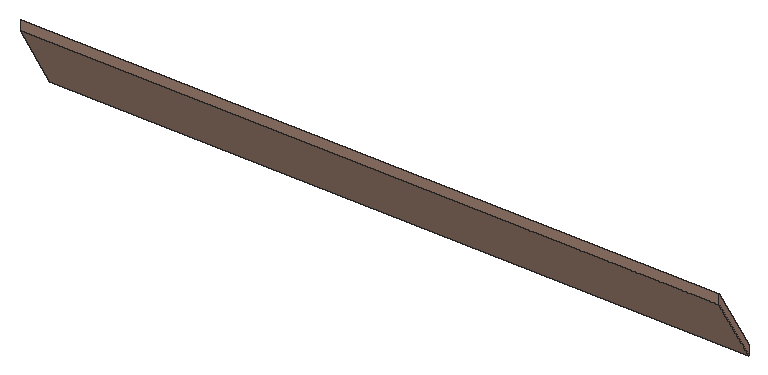
Revit family "Persiana", category Janelas, Revit 2015
Parameters
  Largura = 560 mm
  Espessura da persiana = 30 mm
  Construção analítica = "<Nenhum>"
  Comentários de tipos = "100% Parametrica"
  Fabricante = "CESARITA"
  Persiana = Janela - Caixilho
  Altura = 50 mm
  Assembly Code = ""
Reference planes
  plane 1 "Center (Front/Back)": y = 0
  plane 2: z = 0
  plane 3 "Center (Left/Right)": x = -875
  plane 4: y = 15
  plane 5: y = -15
  plane 6 "Esquerda - Lamela": x = -1155
  plane 7 "Direita - Lamela": x = -595
  plane 8: z = 50
  plane 9: x = -875
Forms (mm)
  Extrusion 1, solid, material "Janela - Caixilho" <- "Persiana"
    sketch origin (-875, 0, 0) x (0, 1, 0) y (0, 0, 1)
      loop
        line (-15, 50) -> (-15, 42.225) -> (15, -7.775) -> (15, 0) -> (-15, 50)
    from -280 to 280
Dimensions and locks
  "Largura": plane 7 "Direita - Lamela" to plane 6 "Esquerda - Lamela"
  equal spacing: plane 7 "Direita - Lamela", plane 3 "Center (Left/Right)", plane 6 "Esquerda - Lamela"
  "Altura": plane 8 to level
  equal spacing: plane 6 "Esquerda - Lamela", plane 9, plane 7 "Direita - Lamela"
  plane 6 "Esquerda - Lamela" to plane 7 "Direita - Lamela" = 560 mm
  equal spacing: plane 4, plane 1 "Center (Front/Back)", plane 5
  "Espessura da persiana": plane 4 to plane 5
  aligned and locked: plane 7 "Direita - Lamela" to Extrusion 1
  aligned and locked: Extrusion 1 to plane 6 "Esquerda - Lamela"
  aligned and locked: plane 5 to Extrusion 1 sketch curve
  aligned and locked: plane 4 to Extrusion 1 sketch curve
  aligned and locked: level to Extrusion 1 sketch curve
Automatic sketch dimensions
  Extrusion 1 sketch curve to Extrusion 1 sketch curve = 7.775 mm  (x2)
  Extrusion 1 sketch curve to plane 8 = 0 mm
